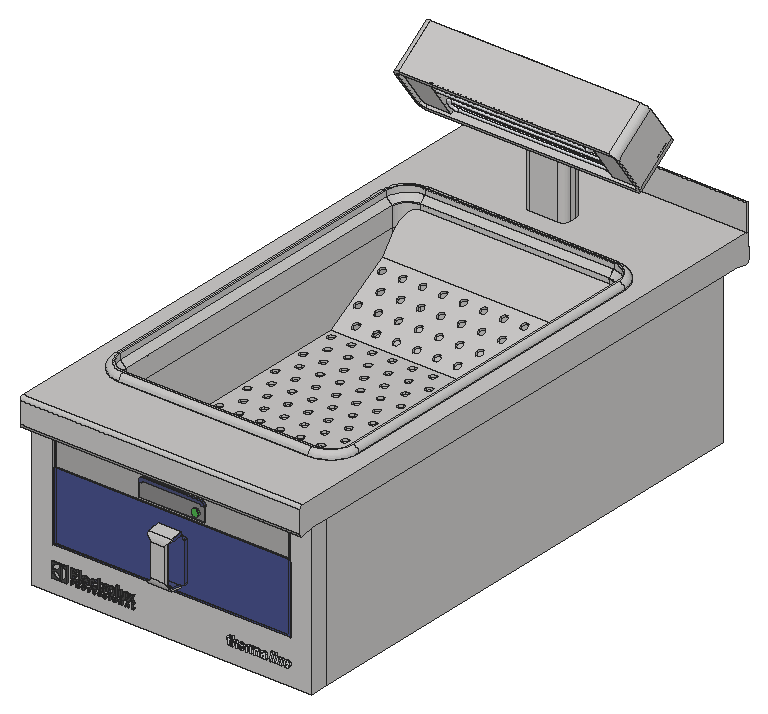
Revit family "QF_ELECTROLUXPROFESSIONAL_588095_MAYAABDOBO", category Attrezzature speciali, Revit 2020 (continued)
Definition of nested family "Front_Panel_W400_1 Knob_Spie"
  Definition of nested family "ELX_Professional_Logo_Small"
    Forms (mm)
      Extrusion 2, solid, material <- "Material_Logo"
        sketch origin (15.5, 0, 0) x (1, 0, 0) y (0, 1, 0)
          loop
            line (-74.986, -10.814) -> (-53.322, -10.814) -> (-53.322, 10.82) -> (-74.986, 10.82) -> (-74.986, -10.814)
          loop
            line (-61.261, 9.758) -> (-61.261, -9.707)
            arc (-61.261, -9.707) -> (-54.066, 0.025) -> (-61.261, 9.758) r 10.18
          loop
            line (-62.251, 8.349) -> (-62.251, 9.758)
            arc (-62.251, 9.758) -> (-70.347, 7.918) -> (-74.247, 0.59) r 9.976
            line (-74.247, 0.59) -> (-71.026, 0.59)
            arc (-71.026, 0.59) -> (-65.274, 2.925) -> (-62.251, 8.349) r 9.351
          loop
            arc (-74.247, -0.539) -> (-70.353, -7.928) -> (-62.251, -9.957) r 10.237
            line (-62.251, -9.957) -> (-62.251, -8.298)
            arc (-62.251, -8.298) -> (-65.274, -2.874) -> (-71.026, -0.539) r 9.351
            line (-71.026, -0.539) -> (-74.247, -0.539)
        from 0 to 1.644
    Dimensions and locks
      aligned and locked: plane 2 to Extrusion 1
      aligned and locked: level to Extrusion 1
